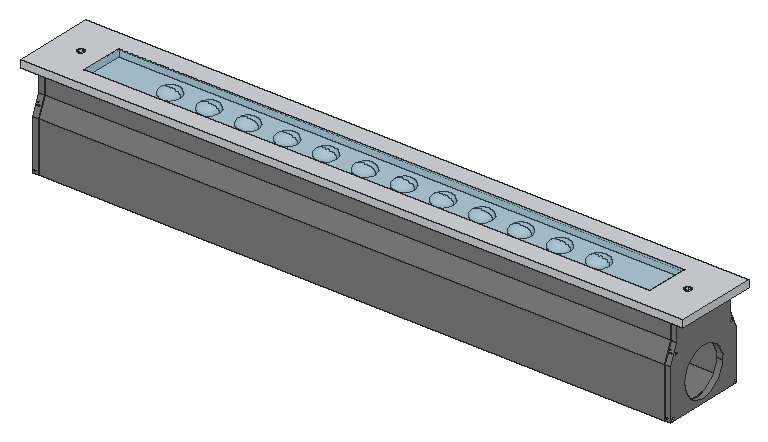
Revit family "LINEAL 18W_LKB1256WW.30_CW", category Luminarias, Revit 2019
Family settings
  Cota de conector redondo = Diámetro de uso
  Tipo de pieza = Normal
  Se basa en plano de trabajo = Sí
  Siempre vertical = No
  Corte con vacíos al cargar = No
  Origen de luz = Sí
  Compartido = No
  Punto de cálculo de habitación = No
Parameters (values of type "EMP_LKB1256WW.30")
  Ángulo de inclinación = 30.00°
  Zone [instance] = ""
  Watt per fixture = 18
  Wattage = 18 W
  built-in parameter 1150107 = 3000 (stored number, unit not read)
  built-in parameter 1150110 = 1 (stored number, unit not read)
  built-in parameter 1150109 = 1 (stored number, unit not read)
  built-in parameter 1150112 = 1 (stored number, unit not read)
  built-in parameter 1150113 = 1 (stored number, unit not read)
  built-in parameter 1114218 = 1 (stored number, unit not read)
  Keynote = ""
  built-in parameter 1150137 = (empty or 0)
  built-in parameter 1150132 = (empty or 0)
  Modelo = "LKB0616WW.30"
  Lámpara = "OSRAM"
  Longitud de línea de emisión = 200 mm
  built-in parameter 1150105 = 81.074 (stored number, unit not read)
  built-in parameter 1150102 = (empty or 0)
  built-in parameter 1150106 = 0.81074 (stored number, unit not read)
  Lumens = 1018.8 lm
  Color Filter = 16777215
  built-in parameter 1114217 = 1 (stored number, unit not read)
  built-in parameter 1150139 = (empty or 0)
  Fabricante = "BRILLANT"
  Default Elevation = 0 mm
  built-in parameter 1150104 = 5.2583 (stored number, unit not read)
  Descripción = "LUMINARIA PARA EMPOTRAR TIPO LINEAL CON 12 LED TIPO OSRAM CON UNA POTENCIA DE 18W, CUERPO DE ALUMINIO EXTRUIDO CUBIERTO CON POLVO GRIS OSCURO CON CUBIERTA DE ACERO INOXIDABLE Y VIDRIO TEMPLADO DE 6MM, HOUSING DE ALUMINIO, CON UNA DIMENSION DE 80MM DE PROFUNDO POR 549 DE LARGO EN LA LUMINARIA, CUENTA CON 1020 LUMENES A UNA TEMPERATURA EN BLANCO CALIDO DE 3000K, CORRIENTE DE OPERACIÓN A 143mA, ON/OFF, DIMEABLE EN TRIAC O DALI (OPCIONAL), CABLE H05RN L0.5M, IRC 80, IK07, IP67, ANGULO DE APERTURA A 30 GRADOS EN STOCK, ALIMENTADA A 100-277V."
  built-in parameter 1150115 = 1 (stored number, unit not read)
  built-in parameter 1150114 = 1 (stored number, unit not read)
  Comentarios de vataje = "100-277V"
  built-in parameter 1150138 = (empty or 0)
  built-in parameter 1150134 = (empty or 0)
  Circuit [instance] = ""
  Dimming Lamp Color Temperature Shift = (empty or 0)
  Archivo de red fotométrica = "LKB1256WW.IES"
  built-in parameter 1150133 = 10 (stored number, unit not read)
Types (2, lengths in mm): name | built-in parameter 1150107 | Modelo | Descripción | built-in parameter 1150134 | Archivo de red fotométrica
  EMP_LKB1256WW.30 | 3000 (stored number, unit not read) | "LKB0616WW.30" | "LUMINARIA PARA EMPOTRAR TIPO LINEAL CON 12 LED TIPO OSRAM CON UNA POTENCIA DE 18W, CUERPO DE ALUMINIO EXTRUIDO CUBIERTO CON POLVO GRIS OSCURO CON CUBIERTA DE ACERO INOXIDABLE Y VIDRIO TEMPLADO DE 6MM, HOUSING DE ALUMINIO, CON UNA DIMENSION DE 80MM DE PROFUNDO POR 549 DE LARGO EN LA LUMINARIA, CUENTA CON 1020 LUMENES A UNA TEMPERATURA EN BLANCO CALIDO DE 3000K, CORRIENTE DE OPERACIÓN A 143mA, ON/OFF, DIMEABLE EN TRIAC O DALI (OPCIONAL), CABLE H05RN L0.5M, IRC 80, IK07, IP67, ANGULO DE APERTURA A 30 GRADOS EN STOCK, ALIMENTADA A 100-277V." | (empty or 0) | "LKB1256WW.IES"
  EMP_LKB1256CW | 6000 (stored number, unit not read) | "LKB1256CW" | "LUMINARIA PARA EMPOTRAR TIPO LINEAL CON 12 LED TIPO OSRAM CON UNA POTENCIA DE 18W, CUERPO DE ALUMINIO EXTRUIDO CUBIERTO CON POLVO GRIS OSCURO CON CUBIERTA DE ACERO INOXIDABLE Y VIDRIO TEMPLADO DE 6MM, HOUSING DE ALUMINIO, CON UNA DIMENSION DE 80MM DE PROFUNDO POR 549 DE LARGO EN LA LUMINARIA, CUENTA CON 1108 LUMENES A UNA TEMPERATURA EN BLANCO FRIO DE 6000K, CORRIENTE DE OPERACIÓN A 143mA, ON/OFF, DIMEABLE EN TRIAC O DALI (OPCIONAL), CABLE H05RN L0.5M, IRC 80, IK07, IP67, ANGULO DE APERTURA A 30 GRADOS EN STOCK, ALIMENTADA A 100-277V." | 5 | "generic"
Reference planes
  plane 1 "Centro (Frontal/Posterior)": y = 0
  plane 2: z = 0
  plane 3 "Centro (Izquierda/Derecha)": x = 0
  plane 4: x = -274.5
  plane 5: x = 274.5
  plane 6: z = 80
  plane 7: x = 0
  plane 8: y = 34
  plane 9: y = -34
  plane 10: y = 24
  plane 11: y = -24
  plane 12: x = 264.5
  plane 13: x = -264.5
  plane 14: x = 259.5
  plane 15: x = -259.5
Forms (mm)
  Revolve 1, solid
    sketch origin (-218.686, 0, 1.84) x (1, 0, 0) y (0, 0, 1)
      loop
        line (105.714, 77.128) -> (105.714, 72.128) -> (114.371, 72.128)
        spline (114.371, 72.128) -> (114.297, 72.781) -> (114.076, 73.422) -> (113.712, 74.042) -> (113.211, 74.628) -> (112.582, 75.172) -> (111.835, 75.664) -> (110.984, 76.095) -> (110.043, 76.458) -> (109.027, 76.748) -> (107.955, 76.958) -> (106.844, 77.085) -> (105.714, 77.128)
      axis (105.714, 72.128) -> (105.714, 77.128)
    angle from 0 to 360
  Extrusion 2, solid
    sketch origin (-125.036, 0, 0) x (1, 0, 0) y (0, 1, 0)
      loop
        circle (-126.5, 0) r 7.477
    from 59.986 to 67.399
  Sweep 3, solid
    path origin (-23.434, 0, 33.691) x (1, 0, 0) y (0, 0, 1)
      loop
        spline (-213.101, 17.397) -> (-212.445, 15.119) -> (-211.516, 13.321) -> (-210.346, 11.959) -> (-208.967, 10.987) -> (-207.412, 10.358) -> (-205.713, 10.029) -> (-203.902, 9.951) -> (-202.011, 10.081) -> (-200.073, 10.371) -> (-198.12, 10.777) -> (-196.184, 11.252) -> (-194.298, 11.752)
    profile origin (-229.146, 0, 43.72) x (0.110661, 0, 0.993858) y (0, -1, 0)
      loop
        circle (-16.782, 0) r 2.034
  Extrusion 4, solid, material "Cristal"
    sketch origin (0, 0, 0) x (1, 0, 0) y (0, 1, 0)
      loop
        line (-234.5, 17.75) -> (-234.5, -17.75) -> (234.5, -17.75) -> (234.5, 17.75) -> (-234.5, 17.75)
    from 78.959 to 80
  Revolve 5, solid
    sketch origin (-251.003, 0, 1.84) x (1, 0, 0) y (0, 0, 1)
      loop
        line (105.714, 77.128) -> (105.714, 72.128) -> (114.371, 72.128)
        spline (114.371, 72.128) -> (114.297, 72.781) -> (114.076, 73.422) -> (113.712, 74.042) -> (113.211, 74.628) -> (112.582, 75.172) -> (111.835, 75.664) -> (110.984, 76.095) -> (110.043, 76.458) -> (109.027, 76.748) -> (107.955, 76.958) -> (106.844, 77.085) -> (105.714, 77.128)
      axis (105.714, 72.128) -> (105.714, 77.128)
    angle from 0 to 360
  Revolve 6, solid
    sketch origin (25.06, 0, 1.84) x (-1, 0, 0) y (0, 0, 1)
      loop
        line (105.714, 77.128) -> (105.714, 72.128) -> (114.371, 72.128)
        spline (114.371, 72.128) -> (114.297, 72.781) -> (114.076, 73.422) -> (113.712, 74.042) -> (113.211, 74.628) -> (112.582, 75.172) -> (111.835, 75.664) -> (110.984, 76.095) -> (110.043, 76.458) -> (109.027, 76.748) -> (107.955, 76.958) -> (106.844, 77.085) -> (105.714, 77.128)
      axis (105.714, 72.128) -> (105.714, 77.128)
    angle from 0 to 360
  Extrusion 7, solid
    sketch origin (0, 0, 0) x (1, 0, 0) y (0, 1, 0)
      loop
        line (-274.5, 34) -> (-274.5, -34) -> (274.5, -34) -> (274.5, 34) -> (-274.5, 34)
      loop
        line (-234.5, 17.75) -> (-234.5, -17.75) -> (234.5, -17.75) -> (234.5, 17.75) -> (-234.5, 17.75)
      loop
        circle (-251.536, 0) r 2.544
      loop
        circle (251.536, 0) r 2.544
    from 80 to 73.969
  Extrusion 8, solid
    sketch origin (0, 0, 0) x (1, 0, 0) y (0, 1, 0)
      loop
        circle (-251.536, 0) r 2.398
      loop
        line (-250.48, 1.829) -> (-252.592, 1.829) -> (-253.648, 0) -> (-252.592, -1.829) -> (-250.48, -1.829) -> (-249.423, 0) -> (-250.48, 1.829)
      loop
        circle (251.536, 0) r 2.398
      loop
        line (250.48, 1.829) -> (249.423, 0) -> (250.48, -1.829) -> (252.592, -1.829) -> (253.648, 0) -> (252.592, 1.829) -> (250.48, 1.829)
    from 73.969 to 80
  Extrusion 9, solid
    sketch origin (0, 0, 0) x (1, 0, 0) y (0, 1, 0)
      loop
        line (-259.5, 24) -> (-259.5, -24) -> (259.5, -24) -> (259.5, 24) -> (-259.5, 24)
    from 67.399 to 73.969
  Extrusion 10, solid
    sketch origin (0, 0, 0) x (1, 0, 0) y (0, 1, 0)
      loop
        circle (-251.536, 0) r 5
    from 55.798 to 59.986
  Extrusion 11, solid
    sketch origin (0, 0, 0) x (1, 0, 0) y (0, 1, 0)
      loop
        circle (-251.536, 0) r 3.932
      loop
        line (-249.828, 2.958) -> (-253.243, 2.958) -> (-254.951, 0) -> (-253.243, -2.958) -> (-249.828, -2.958) -> (-248.12, 0) -> (-249.828, 2.958)
    from 54.003 to 55.798
  Extrusion 12, solid
    sketch origin (0, 0, 0) x (1, 0, 0) y (0, 1, 0)
      loop
        line (-223.351, 17.75) -> (-223.351, -17.75) -> (227.385, -17.75) -> (227.385, 17.75) -> (-223.351, 17.75)
    from 24.242 to 49.688
  Extrusion 13, solid, material "Aluminio"
    sketch origin (0, 0, 0) x (0, 1, 0) y (0, 0, 1)
      loop
        line (27.285, 73.969) -> (23.985, 73.969) -> (23.985, 55.861) -> (30.7, 40.717) -> (30.7, 3.3) -> (-30.7, 3.3) -> (-30.7, 40.717) -> (-23.985, 55.861) -> (-23.985, 73.969) -> (-27.285, 73.969) -> (-27.285, 56.56) -> (-34, 41.416) -> (-34, 0) -> (34, 0) -> (34, 41.416) -> (27.285, 56.56) -> (27.285, 73.969)
    from -259.5 to 259.5
  Revolve 14, solid
    sketch origin (57.377, 0, 1.84) x (-1, 0, 0) y (0, 0, 1)
      loop
        line (105.714, 77.128) -> (105.714, 72.128) -> (114.371, 72.128)
        spline (114.371, 72.128) -> (114.297, 72.781) -> (114.076, 73.422) -> (113.712, 74.042) -> (113.211, 74.628) -> (112.582, 75.172) -> (111.835, 75.664) -> (110.984, 76.095) -> (110.043, 76.458) -> (109.027, 76.748) -> (107.955, 76.958) -> (106.844, 77.085) -> (105.714, 77.128)
      axis (105.714, 72.128) -> (105.714, 77.128)
    angle from 0 to 360
  Revolve 15, solid
    sketch origin (-283.321, 0, 1.84) x (1, 0, 0) y (0, 0, 1)
      loop
        line (105.714, 77.128) -> (105.714, 72.128) -> (114.371, 72.128)
        spline (114.371, 72.128) -> (114.297, 72.781) -> (114.076, 73.422) -> (113.712, 74.042) -> (113.211, 74.628) -> (112.582, 75.172) -> (111.835, 75.664) -> (110.984, 76.095) -> (110.043, 76.458) -> (109.027, 76.748) -> (107.955, 76.958) -> (106.844, 77.085) -> (105.714, 77.128)
      axis (105.714, 72.128) -> (105.714, 77.128)
    angle from 0 to 360
  Revolve 16, solid
    sketch origin (89.695, 0, 1.84) x (-1, 0, 0) y (0, 0, 1)
      loop
        line (105.714, 77.128) -> (105.714, 72.128) -> (114.371, 72.128)
        spline (114.371, 72.128) -> (114.297, 72.781) -> (114.076, 73.422) -> (113.712, 74.042) -> (113.211, 74.628) -> (112.582, 75.172) -> (111.835, 75.664) -> (110.984, 76.095) -> (110.043, 76.458) -> (109.027, 76.748) -> (107.955, 76.958) -> (106.844, 77.085) -> (105.714, 77.128)
      axis (105.714, 72.128) -> (105.714, 77.128)
    angle from 0 to 360
  Revolve 17, solid
    sketch origin (186.647, 0, 1.84) x (-1, 0, 0) y (0, 0, 1)
      loop
        line (105.714, 77.128) -> (105.714, 72.128) -> (114.371, 72.128)
        spline (114.371, 72.128) -> (114.297, 72.781) -> (114.076, 73.422) -> (113.712, 74.042) -> (113.211, 74.628) -> (112.582, 75.172) -> (111.835, 75.664) -> (110.984, 76.095) -> (110.043, 76.458) -> (109.027, 76.748) -> (107.955, 76.958) -> (106.844, 77.085) -> (105.714, 77.128)
      axis (105.714, 72.128) -> (105.714, 77.128)
    angle from 0 to 360
  Revolve 18, solid
    sketch origin (218.964, 0, 1.84) x (-1, 0, 0) y (0, 0, 1)
      loop
        line (105.714, 77.128) -> (105.714, 72.128) -> (114.371, 72.128)
        spline (114.371, 72.128) -> (114.297, 72.781) -> (114.076, 73.422) -> (113.712, 74.042) -> (113.211, 74.628) -> (112.582, 75.172) -> (111.835, 75.664) -> (110.984, 76.095) -> (110.043, 76.458) -> (109.027, 76.748) -> (107.955, 76.958) -> (106.844, 77.085) -> (105.714, 77.128)
      axis (105.714, 72.128) -> (105.714, 77.128)
    angle from 0 to 360
  Revolve 19, solid
    sketch origin (-57.099, 0, 1.84) x (1, 0, 0) y (0, 0, 1)
      loop
        line (105.714, 77.128) -> (105.714, 72.128) -> (114.371, 72.128)
        spline (114.371, 72.128) -> (114.297, 72.781) -> (114.076, 73.422) -> (113.712, 74.042) -> (113.211, 74.628) -> (112.582, 75.172) -> (111.835, 75.664) -> (110.984, 76.095) -> (110.043, 76.458) -> (109.027, 76.748) -> (107.955, 76.958) -> (106.844, 77.085) -> (105.714, 77.128)
      axis (105.714, 72.128) -> (105.714, 77.128)
    angle from 0 to 360
  Revolve 20, solid
    sketch origin (-89.416, 0, 1.84) x (1, 0, 0) y (0, 0, 1)
      loop
        line (105.714, 77.128) -> (105.714, 72.128) -> (114.371, 72.128)
        spline (114.371, 72.128) -> (114.297, 72.781) -> (114.076, 73.422) -> (113.712, 74.042) -> (113.211, 74.628) -> (112.582, 75.172) -> (111.835, 75.664) -> (110.984, 76.095) -> (110.043, 76.458) -> (109.027, 76.748) -> (107.955, 76.958) -> (106.844, 77.085) -> (105.714, 77.128)
      axis (105.714, 72.128) -> (105.714, 77.128)
    angle from 0 to 360
  Revolve 21, solid
    sketch origin (251.281, 0, 1.84) x (-1, 0, 0) y (0, 0, 1)
      loop
        line (105.714, 77.128) -> (105.714, 72.128) -> (114.371, 72.128)
        spline (114.371, 72.128) -> (114.297, 72.781) -> (114.076, 73.422) -> (113.712, 74.042) -> (113.211, 74.628) -> (112.582, 75.172) -> (111.835, 75.664) -> (110.984, 76.095) -> (110.043, 76.458) -> (109.027, 76.748) -> (107.955, 76.958) -> (106.844, 77.085) -> (105.714, 77.128)
      axis (105.714, 72.128) -> (105.714, 77.128)
    angle from 0 to 360
  Revolve 22, solid, not visible
    sketch origin (-218.686, 0, 1.84) x (1, 0, 0) y (0, 0, 1)
      loop
        line (105.714, 77.128) -> (105.714, 72.128) -> (114.371, 72.128)
        spline (114.371, 72.128) -> (114.297, 72.781) -> (114.076, 73.422) -> (113.712, 74.042) -> (113.211, 74.628) -> (112.582, 75.172) -> (111.835, 75.664) -> (110.984, 76.095) -> (110.043, 76.458) -> (109.027, 76.748) -> (107.955, 76.958) -> (106.844, 77.085) -> (105.714, 77.128)
      axis (105.714, 72.128) -> (105.714, 77.128)
    angle from 0 to 360
  Revolve 23, solid, not visible
    sketch origin (-251.003, 0, 1.84) x (1, 0, 0) y (0, 0, 1)
      loop
        line (105.714, 77.128) -> (105.714, 72.128) -> (114.371, 72.128)
        spline (114.371, 72.128) -> (114.297, 72.781) -> (114.076, 73.422) -> (113.712, 74.042) -> (113.211, 74.628) -> (112.582, 75.172) -> (111.835, 75.664) -> (110.984, 76.095) -> (110.043, 76.458) -> (109.027, 76.748) -> (107.955, 76.958) -> (106.844, 77.085) -> (105.714, 77.128)
      axis (105.714, 72.128) -> (105.714, 77.128)
    angle from 0 to 360
  Revolve 24, solid, not visible
    sketch origin (25.06, 0, 1.84) x (-1, 0, 0) y (0, 0, 1)
      loop
        line (105.714, 77.128) -> (105.714, 72.128) -> (114.371, 72.128)
        spline (114.371, 72.128) -> (114.297, 72.781) -> (114.076, 73.422) -> (113.712, 74.042) -> (113.211, 74.628) -> (112.582, 75.172) -> (111.835, 75.664) -> (110.984, 76.095) -> (110.043, 76.458) -> (109.027, 76.748) -> (107.955, 76.958) -> (106.844, 77.085) -> (105.714, 77.128)
      axis (105.714, 72.128) -> (105.714, 77.128)
    angle from 0 to 360
  Revolve 25, solid, not visible
    sketch origin (57.377, 0, 1.84) x (-1, 0, 0) y (0, 0, 1)
      loop
        line (105.714, 77.128) -> (105.714, 72.128) -> (114.371, 72.128)
        spline (114.371, 72.128) -> (114.297, 72.781) -> (114.076, 73.422) -> (113.712, 74.042) -> (113.211, 74.628) -> (112.582, 75.172) -> (111.835, 75.664) -> (110.984, 76.095) -> (110.043, 76.458) -> (109.027, 76.748) -> (107.955, 76.958) -> (106.844, 77.085) -> (105.714, 77.128)
      axis (105.714, 72.128) -> (105.714, 77.128)
    angle from 0 to 360
  Revolve 26, solid, not visible
    sketch origin (-283.321, 0, 1.84) x (1, 0, 0) y (0, 0, 1)
      loop
        line (105.714, 77.128) -> (105.714, 72.128) -> (114.371, 72.128)
        spline (114.371, 72.128) -> (114.297, 72.781) -> (114.076, 73.422) -> (113.712, 74.042) -> (113.211, 74.628) -> (112.582, 75.172) -> (111.835, 75.664) -> (110.984, 76.095) -> (110.043, 76.458) -> (109.027, 76.748) -> (107.955, 76.958) -> (106.844, 77.085) -> (105.714, 77.128)
      axis (105.714, 72.128) -> (105.714, 77.128)
    angle from 0 to 360
  Revolve 27, solid, not visible
    sketch origin (89.695, 0, 1.84) x (-1, 0, 0) y (0, 0, 1)
      loop
        line (105.714, 77.128) -> (105.714, 72.128) -> (114.371, 72.128)
        spline (114.371, 72.128) -> (114.297, 72.781) -> (114.076, 73.422) -> (113.712, 74.042) -> (113.211, 74.628) -> (112.582, 75.172) -> (111.835, 75.664) -> (110.984, 76.095) -> (110.043, 76.458) -> (109.027, 76.748) -> (107.955, 76.958) -> (106.844, 77.085) -> (105.714, 77.128)
      axis (105.714, 72.128) -> (105.714, 77.128)
    angle from 0 to 360
  Revolve 28, solid, not visible
    sketch origin (186.647, 0, 1.84) x (-1, 0, 0) y (0, 0, 1)
      loop
        line (105.714, 77.128) -> (105.714, 72.128) -> (114.371, 72.128)
        spline (114.371, 72.128) -> (114.297, 72.781) -> (114.076, 73.422) -> (113.712, 74.042) -> (113.211, 74.628) -> (112.582, 75.172) -> (111.835, 75.664) -> (110.984, 76.095) -> (110.043, 76.458) -> (109.027, 76.748) -> (107.955, 76.958) -> (106.844, 77.085) -> (105.714, 77.128)
      axis (105.714, 72.128) -> (105.714, 77.128)
    angle from 0 to 360
  Revolve 29, solid, not visible
    sketch origin (218.964, 0, 1.84) x (-1, 0, 0) y (0, 0, 1)
      loop
        line (105.714, 77.128) -> (105.714, 72.128) -> (114.371, 72.128)
        spline (114.371, 72.128) -> (114.297, 72.781) -> (114.076, 73.422) -> (113.712, 74.042) -> (113.211, 74.628) -> (112.582, 75.172) -> (111.835, 75.664) -> (110.984, 76.095) -> (110.043, 76.458) -> (109.027, 76.748) -> (107.955, 76.958) -> (106.844, 77.085) -> (105.714, 77.128)
      axis (105.714, 72.128) -> (105.714, 77.128)
    angle from 0 to 360
  Revolve 30, solid, not visible
    sketch origin (-57.099, 0, 1.84) x (1, 0, 0) y (0, 0, 1)
      loop
        line (105.714, 77.128) -> (105.714, 72.128) -> (114.371, 72.128)
        spline (114.371, 72.128) -> (114.297, 72.781) -> (114.076, 73.422) -> (113.712, 74.042) -> (113.211, 74.628) -> (112.582, 75.172) -> (111.835, 75.664) -> (110.984, 76.095) -> (110.043, 76.458) -> (109.027, 76.748) -> (107.955, 76.958) -> (106.844, 77.085) -> (105.714, 77.128)
      axis (105.714, 72.128) -> (105.714, 77.128)
    angle from 0 to 360
  Revolve 31, solid, not visible
    sketch origin (-89.416, 0, 1.84) x (1, 0, 0) y (0, 0, 1)
      loop
        line (105.714, 77.128) -> (105.714, 72.128) -> (114.371, 72.128)
        spline (114.371, 72.128) -> (114.297, 72.781) -> (114.076, 73.422) -> (113.712, 74.042) -> (113.211, 74.628) -> (112.582, 75.172) -> (111.835, 75.664) -> (110.984, 76.095) -> (110.043, 76.458) -> (109.027, 76.748) -> (107.955, 76.958) -> (106.844, 77.085) -> (105.714, 77.128)
      axis (105.714, 72.128) -> (105.714, 77.128)
    angle from 0 to 360
  Revolve 32, solid, not visible
    sketch origin (251.281, 0, 1.84) x (-1, 0, 0) y (0, 0, 1)
      loop
        line (105.714, 77.128) -> (105.714, 72.128) -> (114.371, 72.128)
        spline (114.371, 72.128) -> (114.297, 72.781) -> (114.076, 73.422) -> (113.712, 74.042) -> (113.211, 74.628) -> (112.582, 75.172) -> (111.835, 75.664) -> (110.984, 76.095) -> (110.043, 76.458) -> (109.027, 76.748) -> (107.955, 76.958) -> (106.844, 77.085) -> (105.714, 77.128)
      axis (105.714, 72.128) -> (105.714, 77.128)
    angle from 0 to 360
  Revolve 33, solid
    sketch origin (283.599, 0, 1.84) x (-1, 0, 0) y (0, 0, 1)
      loop
        line (105.714, 77.128) -> (105.714, 72.128) -> (114.371, 72.128)
        spline (114.371, 72.128) -> (114.297, 72.781) -> (114.076, 73.422) -> (113.712, 74.042) -> (113.211, 74.628) -> (112.582, 75.172) -> (111.835, 75.664) -> (110.984, 76.095) -> (110.043, 76.458) -> (109.027, 76.748) -> (107.955, 76.958) -> (106.844, 77.085) -> (105.714, 77.128)
      axis (105.714, 72.128) -> (105.714, 77.128)
    angle from 0 to 360
  Revolve 34, solid, not visible
    sketch origin (283.599, 0, 1.84) x (-1, 0, 0) y (0, 0, 1)
      loop
        line (105.714, 77.128) -> (105.714, 72.128) -> (114.371, 72.128)
        spline (114.371, 72.128) -> (114.297, 72.781) -> (114.076, 73.422) -> (113.712, 74.042) -> (113.211, 74.628) -> (112.582, 75.172) -> (111.835, 75.664) -> (110.984, 76.095) -> (110.043, 76.458) -> (109.027, 76.748) -> (107.955, 76.958) -> (106.844, 77.085) -> (105.714, 77.128)
      axis (105.714, 72.128) -> (105.714, 77.128)
    angle from 0 to 360
  Extrusion 35, solid, material "Aluminio"
    sketch origin (0, 0, 0) x (0, 1, 0) y (0, 0, 1)
      loop
        line (27.285, 73.969) -> (-27.285, 73.969) -> (-27.285, 56.56) -> (-34, 41.416) -> (-34, 0) -> (34, 0) -> (34, 41.416) -> (27.285, 56.56) -> (27.285, 73.969)
      loop
        circle (-28.854, 48.953) r 1.106
      loop
        circle (-32.15, 1.818) r 1.106
      loop
        circle (28.854, 48.953) r 1.106
      loop
        circle (32.15, 1.818) r 1.106
      loop
        circle (0, 23.179) r 20
    from 259.5 to 264.5
  Extrusion 36, solid, material "Aluminio"
    sketch origin (0, 0, 0) x (0, 1, 0) y (0, 0, -1)
      loop
        line (27.285, -73.969) -> (27.285, -56.56) -> (34, -41.416) -> (34, 0) -> (-34, 0) -> (-34, -41.416) -> (-27.285, -56.56) -> (-27.285, -73.969) -> (27.285, -73.969)
      loop
        circle (-28.854, -48.953) r 1.106
      loop
        circle (-32.15, -1.818) r 1.106
      loop
        circle (28.854, -48.953) r 1.106
      loop
        circle (32.15, -1.818) r 1.106
      loop
        circle (0, -23.179) r 20
    from 259.5 to 264.5
  Extrusion 37, solid
    sketch origin (0, 0, 0) x (0, 1, 0) y (0, 0, 1)
      loop
        circle (-28.854, 48.953) r 1.029
      loop
        line (-28.061, 48.953) -> (-28.457, 49.639) -> (-29.25, 49.639) -> (-29.646, 48.953) -> (-29.25, 48.266) -> (-28.457, 48.266) -> (-28.061, 48.953)
      loop
        circle (-32.15, 1.818) r 1.029
      loop
        line (-31.357, 1.818) -> (-31.753, 2.504) -> (-32.546, 2.504) -> (-32.942, 1.818) -> (-32.546, 1.131) -> (-31.753, 1.131) -> (-31.357, 1.818)
      loop
        circle (28.854, 48.953) r 1.029
      loop
        line (28.061, 48.953) -> (28.457, 48.266) -> (29.25, 48.266) -> (29.646, 48.953) -> (29.25, 49.639) -> (28.457, 49.639) -> (28.061, 48.953)
      loop
        circle (32.15, 1.818) r 1.029
      loop
        line (31.357, 1.818) -> (31.753, 1.131) -> (32.546, 1.131) -> (32.942, 1.818) -> (32.546, 2.504) -> (31.753, 2.504) -> (31.357, 1.818)
    from 259.5 to 264.5
  Extrusion 38, solid
    sketch origin (0, 0, 0) x (0, 1, 0) y (0, 0, -1)
      loop
        circle (-28.854, -48.953) r 1.029
      loop
        line (-28.061, -48.953) -> (-28.457, -48.266) -> (-29.25, -48.266) -> (-29.646, -48.953) -> (-29.25, -49.639) -> (-28.457, -49.639) -> (-28.061, -48.953)
      loop
        circle (-32.15, -1.818) r 1.029
      loop
        line (-31.357, -1.818) -> (-31.753, -1.131) -> (-32.546, -1.131) -> (-32.942, -1.818) -> (-32.546, -2.504) -> (-31.753, -2.504) -> (-31.357, -1.818)
      loop
        circle (28.854, -48.953) r 1.029
      loop
        line (28.061, -48.953) -> (28.457, -49.639) -> (29.25, -49.639) -> (29.646, -48.953) -> (29.25, -48.266) -> (28.457, -48.266) -> (28.061, -48.953)
      loop
        circle (32.15, -1.818) r 1.029
      loop
        line (31.357, -1.818) -> (31.753, -2.504) -> (32.546, -2.504) -> (32.942, -1.818) -> (32.546, -1.131) -> (31.753, -1.131) -> (31.357, -1.818)
    from 259.5 to 264.5
Dimensions and locks
  equal spacing: plane 4, plane 3 "Centro (Izquierda/Derecha)", plane 5
  plane 4 to plane 5 = 549 mm
  plane 4 to plane 3 "Centro (Izquierda/Derecha)" = 274.5 mm
  plane 6 to plane 2 = 80 mm
  plane 6 to level = 80 mm
  equal spacing: plane 8, plane 1 "Centro (Frontal/Posterior)", plane 9
  plane 9 to plane 1 "Centro (Frontal/Posterior)" = 34 mm
  plane 8 to plane 9 = 68 mm  (x2)
  locked: plane 4 to plane 13 at 10
  locked: plane 12 to plane 5 at 10
  locked: plane 8 to plane 10 at 10
  locked: plane 11 to plane 9 at 10
  locked: plane 14 to plane 12 at 5
  locked: plane 13 to plane 15 at 5
  aligned and locked: level to plane 2
  aligned and locked: Extrusion 7 sketch curve to plane 8
  aligned and locked: plane 4 to Extrusion 7 sketch curve
  aligned and locked: Extrusion 7 sketch curve to plane 9
  aligned and locked: Extrusion 7 sketch curve to plane 5
  aligned and locked: Extrusion 9 sketch curve to plane 10
  aligned and locked: Extrusion 9 sketch curve to plane 11
  aligned and locked: Extrusion 9 to plane 15
  aligned and locked: Extrusion 13 to Extrusion 9  (x2)
  aligned and locked: Extrusion 7 to Extrusion 4
  aligned and locked: Extrusion 7 to Revolve 1
  aligned and locked: plane 6 to Extrusion 7
  aligned and locked: Extrusion 8 to Revolve 1
  aligned and locked: plane 6 to Extrusion 8
  aligned and locked: plane 12 to Extrusion 35
  aligned and locked: Extrusion 35 to Extrusion 9
  aligned and locked: Extrusion 36 to plane 13
  aligned and locked: Extrusion 36 to Extrusion 9
  aligned and locked: plane 12 to Extrusion 37
  aligned and locked: Extrusion 37 to Extrusion 9
  aligned and locked: Extrusion 38 to Extrusion 9
  aligned and locked: Extrusion 38 to plane 13
Automatic sketch dimensions
  Revolve 1 sketch curve to Revolve 1 sketch curve = 0 mm  (x3)
  Revolve 1 sketch curve to Revolve 1 sketch curve = 8.657 mm
  Revolve 1 sketch curve to Revolve 1 sketch curve = 5 mm
  Revolve 1 sketch curve to Revolve 1 sketch curve = 16.888 mm
  Revolve 5 sketch curve to Revolve 5 sketch curve = 0 mm  (x3)
  Revolve 5 sketch curve to Revolve 5 sketch curve = 8.657 mm
  Revolve 5 sketch curve to Revolve 5 sketch curve = 5 mm
  Revolve 5 sketch curve to Revolve 5 sketch curve = 16.888 mm
  Revolve 6 sketch curve to Revolve 6 sketch curve = 0 mm  (x3)
  Revolve 6 sketch curve to Revolve 6 sketch curve = 8.657 mm
  Revolve 6 sketch curve to Revolve 6 sketch curve = 5 mm
  Revolve 6 sketch curve to Revolve 6 sketch curve = 16.888 mm
  Revolve 14 sketch curve to Revolve 14 sketch curve = 0 mm  (x3)
  Revolve 14 sketch curve to Revolve 14 sketch curve = 8.657 mm
  Revolve 14 sketch curve to Revolve 14 sketch curve = 5 mm
  Revolve 14 sketch curve to Revolve 14 sketch curve = 16.888 mm
  Revolve 15 sketch curve to Revolve 15 sketch curve = 0 mm  (x3)
  Revolve 15 sketch curve to Revolve 15 sketch curve = 8.657 mm
  Revolve 15 sketch curve to Revolve 15 sketch curve = 5 mm
  Revolve 15 sketch curve to Revolve 15 sketch curve = 16.888 mm
  Revolve 16 sketch curve to Revolve 16 sketch curve = 0 mm  (x3)
  Revolve 16 sketch curve to Revolve 16 sketch curve = 8.657 mm
  Revolve 16 sketch curve to Revolve 16 sketch curve = 5 mm
  Revolve 16 sketch curve to Revolve 16 sketch curve = 16.888 mm
  Revolve 17 sketch curve to Revolve 17 sketch curve = 0 mm  (x3)
  Revolve 17 sketch curve to Revolve 17 sketch curve = 8.657 mm
  Revolve 17 sketch curve to Revolve 17 sketch curve = 5 mm
  Revolve 17 sketch curve to Revolve 17 sketch curve = 16.888 mm
  Revolve 18 sketch curve to Revolve 18 sketch curve = 0 mm  (x3)
  Revolve 18 sketch curve to Revolve 18 sketch curve = 8.657 mm
  Revolve 18 sketch curve to Revolve 18 sketch curve = 5 mm
  Revolve 18 sketch curve to Revolve 18 sketch curve = 16.888 mm
  Revolve 19 sketch curve to Revolve 19 sketch curve = 0 mm  (x3)
  Revolve 19 sketch curve to Revolve 19 sketch curve = 8.657 mm
  Revolve 19 sketch curve to Revolve 19 sketch curve = 5 mm
  Revolve 19 sketch curve to Revolve 19 sketch curve = 16.888 mm
  Revolve 20 sketch curve to Revolve 20 sketch curve = 0 mm  (x3)
  Revolve 20 sketch curve to Revolve 20 sketch curve = 8.657 mm
  Revolve 20 sketch curve to Revolve 20 sketch curve = 5 mm
  Revolve 20 sketch curve to Revolve 20 sketch curve = 16.888 mm
  Revolve 21 sketch curve to Revolve 21 sketch curve = 0 mm  (x3)
  Revolve 21 sketch curve to Revolve 21 sketch curve = 8.657 mm
  Revolve 21 sketch curve to Revolve 21 sketch curve = 5 mm
  Revolve 21 sketch curve to Revolve 21 sketch curve = 16.888 mm
  Revolve 33 sketch curve to Revolve 33 sketch curve = 0 mm  (x3)
  Revolve 33 sketch curve to Revolve 33 sketch curve = 8.657 mm
  Revolve 33 sketch curve to Revolve 33 sketch curve = 5 mm
  Revolve 33 sketch curve to Revolve 33 sketch curve = 16.888 mm
  Revolve 22 sketch curve to Revolve 22 sketch curve = 0 mm  (x3)
  Revolve 22 sketch curve to Revolve 22 sketch curve = 8.657 mm
  Revolve 22 sketch curve to Revolve 22 sketch curve = 5 mm
  Revolve 22 sketch curve to Revolve 22 sketch curve = 16.888 mm
  Revolve 23 sketch curve to Revolve 23 sketch curve = 0 mm  (x3)
  Revolve 23 sketch curve to Revolve 23 sketch curve = 8.657 mm
  Revolve 23 sketch curve to Revolve 23 sketch curve = 5 mm
  Revolve 23 sketch curve to Revolve 23 sketch curve = 16.888 mm
  Revolve 24 sketch curve to Revolve 24 sketch curve = 0 mm  (x3)
  Revolve 24 sketch curve to Revolve 24 sketch curve = 8.657 mm
  Revolve 24 sketch curve to Revolve 24 sketch curve = 5 mm
  Revolve 24 sketch curve to Revolve 24 sketch curve = 16.888 mm
  Revolve 25 sketch curve to Revolve 25 sketch curve = 0 mm  (x3)
  Revolve 25 sketch curve to Revolve 25 sketch curve = 8.657 mm
  Revolve 25 sketch curve to Revolve 25 sketch curve = 5 mm
  Revolve 25 sketch curve to Revolve 25 sketch curve = 16.888 mm
  Revolve 26 sketch curve to Revolve 26 sketch curve = 0 mm  (x3)
  Revolve 26 sketch curve to Revolve 26 sketch curve = 8.657 mm
  Revolve 26 sketch curve to Revolve 26 sketch curve = 5 mm
  Revolve 26 sketch curve to Revolve 26 sketch curve = 16.888 mm
  Revolve 27 sketch curve to Revolve 27 sketch curve = 0 mm  (x3)
  Revolve 27 sketch curve to Revolve 27 sketch curve = 8.657 mm
  Revolve 27 sketch curve to Revolve 27 sketch curve = 5 mm
  Revolve 27 sketch curve to Revolve 27 sketch curve = 16.888 mm
  Revolve 28 sketch curve to Revolve 28 sketch curve = 0 mm  (x3)
  Revolve 28 sketch curve to Revolve 28 sketch curve = 8.657 mm
  Revolve 28 sketch curve to Revolve 28 sketch curve = 5 mm
  Revolve 28 sketch curve to Revolve 28 sketch curve = 16.888 mm
  Revolve 29 sketch curve to Revolve 29 sketch curve = 0 mm  (x3)
  Revolve 29 sketch curve to Revolve 29 sketch curve = 8.657 mm
  Revolve 29 sketch curve to Revolve 29 sketch curve = 5 mm
  Revolve 29 sketch curve to Revolve 29 sketch curve = 16.888 mm
  Revolve 30 sketch curve to Revolve 30 sketch curve = 0 mm  (x3)
  Revolve 30 sketch curve to Revolve 30 sketch curve = 8.657 mm
  Revolve 30 sketch curve to Revolve 30 sketch curve = 5 mm
  Revolve 30 sketch curve to Revolve 30 sketch curve = 16.888 mm
  Revolve 31 sketch curve to Revolve 31 sketch curve = 0 mm  (x3)
  Revolve 31 sketch curve to Revolve 31 sketch curve = 8.657 mm
  Revolve 31 sketch curve to Revolve 31 sketch curve = 5 mm
  Revolve 31 sketch curve to Revolve 31 sketch curve = 16.888 mm
  Revolve 32 sketch curve to Revolve 32 sketch curve = 0 mm  (x3)
  Revolve 32 sketch curve to Revolve 32 sketch curve = 8.657 mm
  Revolve 32 sketch curve to Revolve 32 sketch curve = 5 mm
  Revolve 32 sketch curve to Revolve 32 sketch curve = 16.888 mm
  plane 1 "Centro (Frontal/Posterior)" to Extrusion 2 sketch curve = 0 mm
  plane 15 to Extrusion 2 sketch curve = 7.964 mm
  plane 15 to Sweep 3 sketch curve = 22.965 mm
  Sweep 3 sketch curve to plane 6 = 34.557 mm
  Sweep 3 sketch curve to Sweep 3 sketch curve = 18.803 mm
  Sweep 3 sketch curve to Sweep 3 sketch curve = 5.646 mm
  Sweep 3 sketch curve to profile plane = 0 mm
  profile plane to Sweep 3 sketch curve = 16.782 mm
  plane 11 to Extrusion 4 sketch curve = 6.25 mm
  plane 15 to Extrusion 4 sketch curve = 25 mm
  Extrusion 4 sketch curve to plane 14 = 25 mm
  Extrusion 4 sketch curve to plane 10 = 6.25 mm
  plane 1 "Centro (Frontal/Posterior)" to Extrusion 7 sketch curve = 0 mm  (x2)
  plane 15 to Extrusion 7 sketch curve = 7.964 mm
  plane 11 to Extrusion 7 sketch curve = 6.25 mm
  Extrusion 7 sketch curve to Extrusion 7 sketch curve = 17.036 mm
  Extrusion 7 sketch curve to plane 14 = 25 mm
  Extrusion 7 sketch curve to plane 14 = 7.964 mm
  Extrusion 7 sketch curve to plane 10 = 6.25 mm
  plane 1 "Centro (Frontal/Posterior)" to Extrusion 8 sketch curve = 0 mm  (x6)
  plane 15 to Extrusion 8 sketch curve = 5.852 mm
  Extrusion 8 sketch curve to plane 1 "Centro (Frontal/Posterior)" = 1.829 mm  (x2)
  Extrusion 8 sketch curve to Extrusion 8 sketch curve = 1.056 mm  (x9)
  Extrusion 8 sketch curve to Extrusion 8 sketch curve = 2.112 mm  (x3)
  Extrusion 8 sketch curve to plane 14 = 10.077 mm
  plane 1 "Centro (Frontal/Posterior)" to Extrusion 8 sketch curve = 1.829 mm  (x2)
  Extrusion 9 sketch curve to plane 15 = 0 mm
  Extrusion 9 sketch curve to plane 14 = 0 mm
  plane 1 "Centro (Frontal/Posterior)" to Extrusion 10 sketch curve = 0 mm
  plane 15 to Extrusion 10 sketch curve = 7.964 mm
  plane 1 "Centro (Frontal/Posterior)" to Extrusion 11 sketch curve = 0 mm  (x3)
  plane 15 to Extrusion 11 sketch curve = 4.549 mm
  Extrusion 11 sketch curve to plane 1 "Centro (Frontal/Posterior)" = 2.958 mm
  Extrusion 11 sketch curve to Extrusion 11 sketch curve = 1.708 mm  (x5)
  Extrusion 11 sketch curve to Extrusion 11 sketch curve = 3.415 mm
  plane 1 "Centro (Frontal/Posterior)" to Extrusion 11 sketch curve = 2.958 mm
  plane 11 to Extrusion 12 sketch curve = 6.25 mm
  plane 15 to Extrusion 12 sketch curve = 36.149 mm
  Extrusion 12 sketch curve to plane 14 = 32.115 mm
  Extrusion 12 sketch curve to plane 10 = 6.25 mm
  Extrusion 13 sketch curve to plane 9 = 0 mm
  Extrusion 13 sketch curve to plane 8 = 0 mm
  Extrusion 13 sketch curve to level = 0 mm
  plane 9 to Extrusion 13 sketch curve = 3.3 mm
  Extrusion 13 sketch curve to plane 11 = 3.285 mm
  plane 11 to Extrusion 13 sketch curve = 0.015 mm
  Extrusion 13 sketch curve to plane 10 = 0.015 mm
  plane 10 to Extrusion 13 sketch curve = 3.285 mm
  Extrusion 13 sketch curve to plane 8 = 3.3 mm
  level to Extrusion 13 sketch curve = 3.3 mm
  Extrusion 13 sketch curve to Extrusion 13 sketch curve = 37.417 mm  (x2)
  Extrusion 13 sketch curve to Extrusion 13 sketch curve = 0.699 mm  (x4)
  Extrusion 13 sketch curve to Extrusion 13 sketch curve = 15.144 mm  (x2)
  Extrusion 13 sketch curve to plane 6 = 6.031 mm  (x2)
  Extrusion 35 sketch curve to plane 9 = 0 mm
  Extrusion 35 sketch curve to plane 1 "Centro (Frontal/Posterior)" = 0 mm
  Extrusion 35 sketch curve to level = 0 mm
  Extrusion 35 sketch curve to plane 8 = 0 mm
  plane 9 to Extrusion 35 sketch curve = 1.85 mm
  Extrusion 35 sketch curve to plane 11 = 4.854 mm
  Extrusion 35 sketch curve to plane 11 = 3.285 mm
  plane 10 to Extrusion 35 sketch curve = 3.285 mm
  plane 10 to Extrusion 35 sketch curve = 4.854 mm
  Extrusion 35 sketch curve to plane 8 = 1.85 mm
  level to Extrusion 35 sketch curve = 1.818 mm  (x2)
  level to Extrusion 35 sketch curve = 23.179 mm
  Extrusion 35 sketch curve to Extrusion 35 sketch curve = 18.237 mm  (x2)
  Extrusion 35 sketch curve to Extrusion 35 sketch curve = 7.537 mm  (x2)
  Extrusion 35 sketch curve to Extrusion 35 sketch curve = 7.607 mm  (x2)
  Extrusion 35 sketch curve to plane 6 = 6.031 mm
  Extrusion 36 sketch curve to plane 9 = 0 mm
  Extrusion 36 sketch curve to plane 1 "Centro (Frontal/Posterior)" = 0 mm
  Extrusion 36 sketch curve to level = 0 mm
  Extrusion 36 sketch curve to plane 8 = 0 mm
  plane 9 to Extrusion 36 sketch curve = 1.85 mm
  Extrusion 36 sketch curve to plane 11 = 4.854 mm
  Extrusion 36 sketch curve to plane 11 = 3.285 mm
  plane 10 to Extrusion 36 sketch curve = 3.285 mm
  plane 10 to Extrusion 36 sketch curve = 4.854 mm
  Extrusion 36 sketch curve to plane 8 = 1.85 mm
  level to Extrusion 36 sketch curve = 1.818 mm  (x2)
  level to Extrusion 36 sketch curve = 23.179 mm
  Extrusion 36 sketch curve to Extrusion 36 sketch curve = 18.237 mm  (x2)
  Extrusion 36 sketch curve to Extrusion 36 sketch curve = 7.537 mm  (x2)
  Extrusion 36 sketch curve to Extrusion 36 sketch curve = 7.607 mm  (x2)
  Extrusion 36 sketch curve to plane 6 = 6.031 mm
  plane 9 to Extrusion 37 sketch curve = 1.058 mm
  Extrusion 37 sketch curve to Extrusion 37 sketch curve = 0.396 mm  (x22)
  plane 9 to Extrusion 37 sketch curve = 4.354 mm
  plane 10 to Extrusion 37 sketch curve = 4.061 mm
  Extrusion 37 sketch curve to Extrusion 37 sketch curve = 0.793 mm  (x2)
  Extrusion 37 sketch curve to plane 8 = 2.643 mm
  level to Extrusion 37 sketch curve = 1.131 mm  (x2)
  Extrusion 37 sketch curve to Extrusion 37 sketch curve = 0.686 mm  (x16)
  Extrusion 37 sketch curve to plane 6 = 31.734 mm  (x2)
  plane 9 to Extrusion 38 sketch curve = 1.058 mm
  Extrusion 38 sketch curve to Extrusion 38 sketch curve = 0.396 mm  (x22)
  plane 9 to Extrusion 38 sketch curve = 4.354 mm
  plane 10 to Extrusion 38 sketch curve = 4.061 mm
  Extrusion 38 sketch curve to Extrusion 38 sketch curve = 0.793 mm  (x2)
  Extrusion 38 sketch curve to plane 8 = 2.643 mm
  Extrusion 38 sketch curve to plane 6 = 30.361 mm  (x2)
  Extrusion 38 sketch curve to Extrusion 38 sketch curve = 0.686 mm  (x14)
  level to Extrusion 38 sketch curve = 2.504 mm  (x2)
  Extrusion 38 sketch curve to Extrusion 38 sketch curve = 0 mm  (x2)
  radius of Extrusion 2 sketch curve = 7.477 mm
  radius of Sweep 3 sketch curve = 2.034 mm
  radius of Extrusion 7 sketch curve = 2.544 mm  (x2)
  radius of Extrusion 8 sketch curve = 2.398 mm  (x2)
  radius of Extrusion 10 sketch curve = 5 mm
  radius of Extrusion 11 sketch curve = 3.932 mm
  radius of Extrusion 35 sketch curve = 1.106 mm  (x4)
  radius of Extrusion 35 sketch curve = 20 mm
  radius of Extrusion 36 sketch curve = 1.106 mm  (x4)
  radius of Extrusion 36 sketch curve = 20 mm
  radius of Extrusion 37 sketch curve = 1.029 mm  (x4)
  radius of Extrusion 38 sketch curve = 1.029 mm  (x4)
Connectors
  electrical at (264.5, 0, 42.986)
    settings: on Extrusion 35, index 1, voltage 277 V, apparent load 0 VA, apparent load phase1 0 VA, apparent load phase2 0 VA, apparent load phase3 0 VA, power factor 1, load classification "Otro", number of poles 1, system type 31, power factor state 1, is connector primary yes, connector utility no, sub classification motor no, connector description ""
